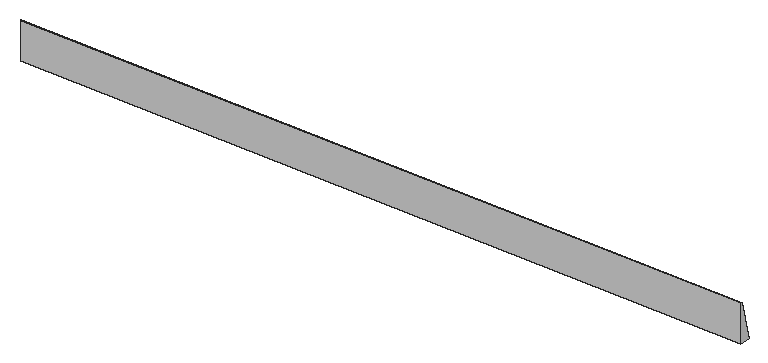
Revit family "Eclisse Delta", category Porte, host Muro, Revit 2018
Family settings
  Host = Muro
  Sempre verticale = Sì
  Taglio con vuoti quando caricato = No
  Condiviso = No
  Punto di calcolo locali = No
Parameters (values of type "Eclisse Delta")
  URL = "https://www.eclisseworld.com/en/dealer-locator/"
  Produttore = "ECLISSE"
  Modello = "ECLISSE DELTA"
  L [instance] = 1000 mm
  H.70 [instance] = not(H.50)  # no
  H.50 [instance] = yes
  Finitura [instance] = ECLISSE-PRIMER COATED
  Descrizione = "Inclined baseboard"
  Commenti sul tipo = "ECLISSE DELTA is available in two different heights, 50 and 70 mm"
Reference planes
  plane 1 "Muro": y = 0
  plane 2 "Centro (Sinistra/Destra)": x = 125
  plane 3 "Indietro": y = 75
  plane 4: z = 50
  plane 5: z = 70
  plane 6: y = 76.6
  plane 7: y = 88.5
  plane 8: x = -875
Forms (mm)
  Extrusion 1, solid, material "ECLISSE-PRIMER COATED" <- "Finitura", visible <- "H.50"
    sketch origin (125, 0, 0) x (0, 1, 0) y (0, 0, 1)
      loop
        line (75, 50) -> (75, 0) -> (88.5, 0) -> (76.6, 50) -> (75, 50)
    from 0 to -1000
  Extrusion 2, solid, material "ECLISSE-PRIMER COATED" <- "Finitura", visible <- "H.70"
    sketch origin (125, 0, 0) x (0, 1, 0) y (0, 0, 1)
      loop
        line (75, 70) -> (75, 0) -> (88.5, 0) -> (76.6, 70) -> (75, 70)
    from 0 to -1000
Text (mm)
  text "Placement Side" at (-1848.837, 1116.779, 0), in view "Livello rif."
  text "Placement side" at (0, 1409.804, 2854.306), in view "Sinistra"
  text "Placement side" at (0, 499.811, 2980.732), in view "Destra"
Dimensions and locks
  locked: plane 3 "Indietro" to host wall
  locked: plane 4 to level at 50
  locked: plane 5 to level at 70
  locked: plane 3 "Indietro" to plane 6 at 1.6
  locked: plane 3 "Indietro" to plane 7 at 13.5
  "L": plane 2 "Centro (Sinistra/Destra)" to plane 8
  aligned and locked: plane 1 "Muro" to host wall
  aligned and locked: plane 4 to Extrusion 1 sketch curve
  aligned and locked: plane 3 "Indietro" to Extrusion 1 sketch curve
  aligned and locked: Extrusion 1 sketch curve to level
  aligned and locked: plane 6 to Extrusion 1 sketch curve
  aligned and locked: plane 8 to Extrusion 1
  aligned and locked: plane 2 "Centro (Sinistra/Destra)" to Extrusion 1
  aligned and locked: plane 3 "Indietro" to Extrusion 2 sketch curve
  aligned and locked: plane 5 to Extrusion 2 sketch curve
  aligned and locked: Extrusion 2 sketch curve to Extrusion 1
  aligned and locked: plane 2 "Centro (Sinistra/Destra)" to Extrusion 2
  aligned and locked: Extrusion 2 to Extrusion 1
  aligned and locked: nested 1 to Extrusion 1
  aligned and locked: nested 1 to Extrusion 2
  aligned and locked: nested 2 to Extrusion 2
  aligned and locked: nested 2 to Extrusion 1
Automatic sketch dimensions
  Extrusion 1 sketch curve to plane 7 = 0 mm
  Extrusion 2 sketch curve to plane 6 = 0 mm
  Extrusion 2 sketch curve to plane 7 = 0 mm
Nested families
  nested 1: "Dettaglio Delta H.50" at (125, 75, 0) x (0, 1, 0) z (1, 0, 0), visible <- "H.50", type "Dettaglio Delta H.50", detail levels fine
  nested 2: "Dettaglio Delta H.70" at (125, 75, 0) x (0, 1, 0) z (1, 0, 0), visible <- "H.70", type "Dettaglio Delta H.70", detail levels fine
Definition of nested family "Dettaglio Delta H.50"
  Reference planes
    plane 1 "Centro (Fronte/Retro)": y = 0
    plane 2: z = 0
    plane 3 "Centro (Sinistra/Destra)": x = 0
Definition of nested family "Dettaglio Delta H.70"
  Reference planes
    plane 1 "Centro (Fronte/Retro)": y = 0
    plane 2: z = 0
    plane 3 "Centro (Sinistra/Destra)": x = 0
